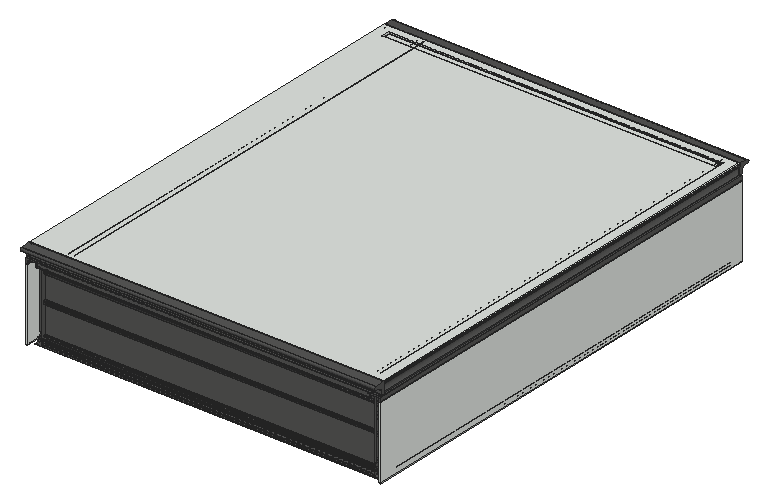
Revit family "Furniture-Lighted_Mirror_Cabinet-KOHLER-MaxiSpace-K-96106T_1", category Lighting Fixtures, host Face, Revit 2021
Family settings
  Host = Face
  Round Connector Dimension = Use Diameter
  Part Type = Normal
  OmniClass Number = 23.21.23.00
  OmniClass Title = Residential Furniture and Equipment
  Cut with Voids When Loaded = No
  Light Source = Yes
  Shared = No
  Room Calculation Point = No
Parameters (values of type "Left Door-NA-Black")
  Width = 23 29/128"  # constant formula
  Wattage Comments = "36W"  # constant formula
  Wattage = 8.75174 W
  WaterSense Certified = 1 = 0  # no
  built-in parameter 1150110 = 1 (stored number, unit not read)
  Voltage = 220 V  # constant formula
  URL = "http://www.kohler.com.cn/"
  Type = 1
  built-in parameter 1114217 = 1 (stored number, unit not read)
  built-in parameter 1150109 = 1 (stored number, unit not read)
  built-in parameter 1150134 = (empty or 0)
  built-in parameter 1150113 = 1 (stored number, unit not read)
  Right Hand [instance] = or(Type = 2)  # no
  Product Page URL = "https://www.kohler.com.cn/product/K-96106T-L-NA/K-96106T-L-NA/"
  Product Name = "MaxiSpace"  # constant formula
  Product Documentation Link = "https://files.kohler.com.cn/pdfs/1495422644150_96107T-NA.pdf"
  Model = if(Type = 1, "K-96106T-L-NA", if(Type = 2, "K-96106T-L-NA", "NA"))  # "K-96106T-L-NA"
  Material = "Aluminium"  # constant formula
  Master Format 2014 Name = "Storage Cabinets"  # constant formula
  Master Format 2014 = "41 53 13"  # constant formula
  Manufacturer Address = "Kohler Beijing Office (100016) 36-2-03-B, No. 88, Liuxiang Road, Beijing"  # constant formula
  Manufacturer = "Kohler Co."  # constant formula
  built-in parameter 1150105 = 413.8 (stored number, unit not read)
  Lumens = 1300 lm
  built-in parameter 1150115 = 1 (stored number, unit not read)
  Light Source Symbol Size = 2"  # constant formula
  built-in parameter 1150137 = (empty or 0)
  built-in parameter 1150139 = (empty or 0)
  Length = 5 249/256"  # constant formula
  Left Hand [instance] = or(Type = 1)  # yes
  built-in parameter 1150112 = 1 (stored number, unit not read)
  built-in parameter 1150114 = 1 (stored number, unit not read)
  Lamp = "LED "  # constant formula
  built-in parameter 1150132 = 2
  built-in parameter 1150102 = (empty or 0)
  built-in parameter 1150107 = 3000 (stored number, unit not read)
  built-in parameter 1150138 = (empty or 0)
  built-in parameter 1150106 = 4.138 (stored number, unit not read)
  Height = 30 131/256"  # constant formula
  Hardware Included = 1 = 0  # no
  Finish = Kohler-Metal-NA-Black
  Environmental Product Declaration = ""
  Emit from Line Length = 20"
  Electrical Note = "One Dedicated Circuit Required"  # constant formula
  Electrical Connector = 1 = 1  # yes
  built-in parameter 1150104 = 13.8 (stored number, unit not read)
  Distance To Connector [instance] = if(Right Hand, 1 35/128", 21 245/256")  # 21 245/256"
  Dimming Lamp Color Temperature Shift = Incandescent Lamp Curve
  Description = "Bona Mirror Cabinet 600mm"  # constant formula
  Default Elevation = 60"
  Declare Label = ""
  Date Modified = "07/27/2022"  # constant formula
  Date Created = "07/27/2022"  # constant formula
  Copyright = "Copyright Kohler Co."  # constant formula
  Contact Us = "http://www.kohler.com.cn/contact/contact-us/"
  Color Filter = 16777215
  built-in parameter 1114218 = 1 (stored number, unit not read)
  built-in parameter 1150133 = 10 (stored number, unit not read)
  Assembly Code = "E2010"
  Apparent Load = 36 VA  # constant formula
  ADA Compliant = 1 = 0  # no
Reference planes (in)
  plane 1 "Center (Front/Back)": y = 0
  plane 2: z = 0
  plane 3 "Center (Left/Right)": x = 0
  plane 4: x = -11.61417
  plane 5: x = 11.61239
  plane 6: y = 15.25591
  plane 7: y = -15.25581
  plane 8: x = 10.34286
  plane 9: z = 5.97266
  plane 10: y = 13.82857
  plane 11: z = 3.49293
Forms (in)
  Extrusion 1, solid, material "Kohler-Metal-NA-Black" <- "Finish"
    sketch origin (0, 0, 0) x (1, 0, 0) y (0, 0, 1)
      loop
        circle (10.34286, 3.49293) r 0.25
    from -14.74409 to -14.13386
Dimensions and locks (in)
  "Width": plane 4 to plane 5
  "Height": plane 6 to plane 7
  "Distance To Connector": plane 4 to plane 8
  "Length": plane 9 to level
  aligned and locked: plane 2 to host face
  aligned and locked: level to host face
  aligned and locked: plane 8 to Extrusion 1 sketch curve
Automatic sketch dimensions
  host sketch curve to host sketch curve = 96"  (x2)
  Extrusion 1 sketch curve to plane 9 = 2.47973"
  radius of Extrusion 1 sketch curve = 1/4"
Nested families (in)
  nested 1: "K-96106T" at (0, 0, 0), visible <- "Left Hand", type "K-96106T"
  nested 2: "K-96106T" at (0, 0, 0) x (-1, 0, 0) z (0, 0, 1), visible <- "Right Hand", type "K-96106T"
Connectors (in)
  electrical at (10.34286, 14.74409, 3.49293), driven by "Voltage", driven by "Apparent Load", driven by "Electrical Connector", driven by "Electrical Note"
    settings: on Extrusion 1, index 1, voltage 220 V, apparent load 36 VA, apparent load phase1 0 VA, apparent load phase2 0 VA, apparent load phase3 0 VA, power factor 1, load classification "Lighting", number of poles 1, system type 30, power factor state 1, is connector primary yes, connector utility yes, sub classification motor no, connector description "One Dedicated Circuit Required"
Definition of nested family "K-96106T"
  Parameters
    Material = none
    Default Elevation = 0"
  Reference planes (in)
    plane 1 "Center (Front/Back)": y = 0
    plane 2: z = 0
    plane 3 "Center (Left/Right)": x = 0
    plane 4: y = 15.25591
    plane 5: x = -11.61417
    plane 6: x = 11.61417
    plane 7: y = -15.25591
    plane 8: z = 5.96583
    plane 9: x = 10.37946
    plane 10: x = -10.90551
    plane 11: y = 14.03543
    plane 12: y = 13.44404
    plane 13: x = 10.90551
  Forms (in)
    Extrusion 1, solid
      sketch origin (0, 0, 0) x (1, 0, 0) y (0, 0, 1)
        loop
          line (-11.49606, 0.07874) -> (-11.49606, 4.76378) -> (-11.53543, 4.80315) -> (-11.5748, 4.80315) -> (-11.61417, 4.76378) -> (-11.61417, 0.07874) -> (-11.5748, 0.03937) -> (-11.53543, 0.03937) -> (-11.49606, 0.07874)
        loop
          line (11.61417, 0.07874) -> (11.61417, 4.76378) -> (11.5748, 4.80315) -> (11.53543, 4.80315) -> (11.49606, 4.76378) -> (11.49606, 0.07874) -> (11.53543, 0.03937) -> (11.5748, 0.03937) -> (11.61417, 0.07874)
      from -14.74409 to 14.78346
    Extrusion 2, solid, material <- "Material", detail levels medium+fine
      sketch origin (0, 0, 0) x (1, 0, 0) y (0, 0, 1)
        loop
          line (11.00394, 5.01969) -> (11.49275, 5.01969)
          arc (11.49275, 5.01969) -> (11.50901, 5.01295) -> (11.51575, 4.99669) r 0.023
          line (11.51575, 4.99669) -> (11.51575, 4.90149) -> (11.47638, 4.90149) -> (11.47638, 4.82299)
          arc (11.47638, 4.82299) -> (11.48219, 4.80896) -> (11.49622, 4.80315) r 0.01984
          line (11.49622, 4.80315) -> (11.59446, 4.80315)
          arc (11.59446, 4.80315) -> (11.6084, 4.80892) -> (11.61417, 4.82286) r 0.01971
          line (11.61417, 4.82286) -> (11.61417, 5.09838)
          arc (11.61417, 5.09838) -> (11.60839, 5.11233) -> (11.59444, 5.11811) r 0.01973
          line (11.59444, 5.11811) -> (10.92649, 5.11811)
          arc (10.92649, 5.11811) -> (10.91166, 5.11197) -> (10.90551, 5.09713) r 0.02098
          line (10.90551, 5.09713) -> (10.90551, 0.18898) -> (11.2628, 0.18898)
          arc (11.2628, 0.18898) -> (11.27741, 0.18292) -> (11.28346, 0.16831) r 0.02066
          line (11.28346, 0.16831) -> (11.28346, 0.01968)
          arc (11.28346, 0.01968) -> (11.28923, 0.00577) -> (11.30315, 0) r 0.01968
          line (11.30315, 0) -> (11.34167, 0)
          arc (11.34167, 0) -> (11.35619, 0.00601) -> (11.3622, 0.02053) r 0.02053
          line (11.3622, 0.02053) -> (11.3622, 0.26515)
          arc (11.3622, 0.26515) -> (11.35569, 0.28088) -> (11.33996, 0.2874) r 0.02225
          line (11.33996, 0.2874) -> (11.01375, 0.2874)
          arc (11.01375, 0.2874) -> (10.99816, 0.29386) -> (10.99171, 0.30944) r 0.02204
          line (10.99171, 0.30944) -> (10.99171, 0.36417) -> (11.02362, 0.36417) -> (11.02362, 0.48031) -> (10.99448, 0.49035) -> (11.02362, 0.50394) -> (11.02362, 0.62008) -> (10.99263, 0.62008) -> (10.99263, 0.87008)
          arc (10.99263, 0.87008) -> (11.0021, 0.89017) -> (11.02362, 0.89567) r 0.02606
          line (11.02362, 0.89567) -> (11.02362, 1.01181) -> (10.99339, 1.02443) -> (11.02362, 1.03543) -> (11.02362, 1.15157)
          arc (11.02362, 1.15157) -> (11.00943, 1.161) -> (11.00394, 1.17713) r 0.02643
          line (11.00394, 1.17713) -> (11.00394, 2.40813)
          arc (11.00394, 2.40813) -> (11.00953, 2.42326) -> (11.02362, 2.4311) r 0.02325
          line (11.02362, 2.4311) -> (11.02362, 2.54724) -> (10.99303, 2.5566) -> (11.02362, 2.57087) -> (11.02362, 2.68701)
          arc (11.02362, 2.68701) -> (11.00964, 2.69343) -> (11.00394, 2.70772) r 0.02074
          line (11.00394, 2.70772) -> (11.00394, 3.44248)
          arc (11.00394, 3.44248) -> (11.00957, 3.45728) -> (11.02362, 3.46457) r 0.02223
          line (11.02362, 3.46457) -> (11.02362, 3.64961) -> (10.99448, 3.65964) -> (11.02362, 3.67323) -> (11.02362, 3.85827)
          arc (11.02362, 3.85827) -> (11.00935, 3.86922) -> (11.00394, 3.88637) r 0.02991
          line (11.00394, 3.88637) -> (11.00394, 4.18078)
          arc (11.00394, 4.18078) -> (11.00958, 4.19553) -> (11.02362, 4.20276) r 0.02211
          line (11.02362, 4.20276) -> (11.02362, 4.3189) -> (10.99448, 4.32893) -> (11.02362, 4.34252) -> (11.02362, 4.45866)
          arc (11.02362, 4.45866) -> (11.00944, 4.46782) -> (11.00394, 4.48378) r 0.02587
          line (11.00394, 4.48378) -> (11.00394, 5.01969)
        loop
          line (-11.00394, 5.01969) -> (-11.00394, 4.48378)
          arc (-11.00394, 4.48378) -> (-11.00944, 4.46782) -> (-11.02362, 4.45866) r 0.02587
          line (-11.02362, 4.45866) -> (-11.02362, 4.34252) -> (-10.99448, 4.32893) -> (-11.02362, 4.3189) -> (-11.02362, 4.20276)
          arc (-11.02362, 4.20276) -> (-11.00958, 4.19553) -> (-11.00394, 4.18078) r 0.02211
          line (-11.00394, 4.18078) -> (-11.00394, 3.88637)
          arc (-11.00394, 3.88637) -> (-11.00935, 3.86922) -> (-11.02362, 3.85827) r 0.02991
          line (-11.02362, 3.85827) -> (-11.02362, 3.67323) -> (-10.99448, 3.65964) -> (-11.02362, 3.64961) -> (-11.02362, 3.46457)
          arc (-11.02362, 3.46457) -> (-11.00957, 3.45728) -> (-11.00394, 3.44248) r 0.02223
          line (-11.00394, 3.44248) -> (-11.00394, 2.70772)
          arc (-11.00394, 2.70772) -> (-11.00964, 2.69343) -> (-11.02362, 2.68701) r 0.02074
          line (-11.02362, 2.68701) -> (-11.02362, 2.57087) -> (-10.99303, 2.5566) -> (-11.02362, 2.54724) -> (-11.02362, 2.4311)
          arc (-11.02362, 2.4311) -> (-11.00953, 2.42326) -> (-11.00394, 2.40813) r 0.02325
          line (-11.00394, 2.40813) -> (-11.00394, 1.17713)
          arc (-11.00394, 1.17713) -> (-11.00943, 1.161) -> (-11.02362, 1.15157) r 0.02643
          line (-11.02362, 1.15157) -> (-11.02362, 1.03543) -> (-10.99339, 1.02443) -> (-11.02362, 1.01181) -> (-11.02362, 0.89567)
          arc (-11.02362, 0.89567) -> (-11.0021, 0.89017) -> (-10.99263, 0.87008) r 0.02606
          line (-10.99263, 0.87008) -> (-10.99263, 0.62008) -> (-11.02362, 0.62008) -> (-11.02362, 0.50394) -> (-10.99448, 0.49035) -> (-11.02362, 0.48031) -> (-11.02362, 0.36417) -> (-10.99171, 0.36417) -> (-10.99171, 0.30944)
          arc (-10.99171, 0.30944) -> (-10.99816, 0.29386) -> (-11.01375, 0.2874) r 0.02204
          line (-11.01375, 0.2874) -> (-11.33996, 0.2874)
          arc (-11.33996, 0.2874) -> (-11.35569, 0.28088) -> (-11.3622, 0.26515) r 0.02225
          line (-11.3622, 0.26515) -> (-11.3622, 0.02053)
          arc (-11.3622, 0.02053) -> (-11.35619, 0.00601) -> (-11.34167, 0) r 0.02053
          line (-11.34167, 0) -> (-11.30315, 0)
          arc (-11.30315, 0) -> (-11.28923, 0.00577) -> (-11.28346, 0.01968) r 0.01968
          line (-11.28346, 0.01968) -> (-11.28346, 0.16831)
          arc (-11.28346, 0.16831) -> (-11.27741, 0.18292) -> (-11.2628, 0.18898) r 0.02066
          line (-11.2628, 0.18898) -> (-10.90551, 0.18898) -> (-10.90551, 5.09713)
          arc (-10.90551, 5.09713) -> (-10.91166, 5.11197) -> (-10.92649, 5.11811) r 0.02098
          line (-10.92649, 5.11811) -> (-11.59444, 5.11811)
          arc (-11.59444, 5.11811) -> (-11.60839, 5.11233) -> (-11.61417, 5.09838) r 0.01973
          line (-11.61417, 5.09838) -> (-11.61417, 4.82286)
          arc (-11.61417, 4.82286) -> (-11.6084, 4.80892) -> (-11.59446, 4.80315) r 0.01971
          line (-11.59446, 4.80315) -> (-11.49622, 4.80315)
          arc (-11.49622, 4.80315) -> (-11.48219, 4.80896) -> (-11.47638, 4.82299) r 0.01984
          line (-11.47638, 4.82299) -> (-11.47638, 4.90149) -> (-11.51575, 4.90149) -> (-11.51575, 4.99669)
          arc (-11.51575, 4.99669) -> (-11.50901, 5.01295) -> (-11.49275, 5.01969) r 0.023
          line (-11.49275, 5.01969) -> (-11.00394, 5.01969)
      from -14.74409 to 14.78346
    Extrusion 3, solid, material <- "Material", detail levels medium+fine
      sketch origin (0, 0.03906, -0.01172) x (0, 1, 0) y (0, 0, 1)
        loop
          line (14.70503, 5.27) -> (14.70503, 5.50449)
          arc (14.70503, 5.50449) -> (14.7625, 5.64323) -> (14.90124, 5.7007) r 0.1962
          line (14.90124, 5.7007) -> (15.11476, 5.7007)
          arc (15.11476, 5.7007) -> (15.21787, 5.79726) -> (15.12825, 5.90646) r 0.10333
          line (15.12825, 5.90646) -> (14.53041, 5.98517)
          arc (14.53041, 5.98517) -> (14.51488, 5.98046) -> (14.50818, 5.96567) r 0.01966
          line (14.50818, 5.96567) -> (14.50818, 5.26797)
          arc (14.50818, 5.26797) -> (14.51405, 5.25381) -> (14.52821, 5.24794) r 0.02003
          line (14.52821, 5.24794) -> (14.68297, 5.24794)
          arc (14.68297, 5.24794) -> (14.69857, 5.2544) -> (14.70503, 5.27) r 0.02207
        loop
          arc (-14.78346, 5.25829) -> (-14.777, 5.24268) -> (-14.7614, 5.23622) r 0.02207
          line (-14.7614, 5.23622) -> (-14.60664, 5.23622)
          arc (-14.60664, 5.23622) -> (-14.59248, 5.24209) -> (-14.58661, 5.25625) r 0.02003
          line (-14.58661, 5.25625) -> (-14.58661, 5.95396)
          arc (-14.58661, 5.95396) -> (-14.59331, 5.96874) -> (-14.60884, 5.97345) r 0.01966
          line (-14.60884, 5.97345) -> (-15.20668, 5.89474)
          arc (-15.20668, 5.89474) -> (-15.2963, 5.78554) -> (-15.1932, 5.68898) r 0.10333
          line (-15.1932, 5.68898) -> (-14.97967, 5.68898)
          arc (-14.97967, 5.68898) -> (-14.84093, 5.63151) -> (-14.78346, 5.49277) r 0.1962
          line (-14.78346, 5.49277) -> (-14.78346, 5.25829)
      from -11.61417 to 11.61417
    Extrusion 4, solid, material <- "Material", detail levels medium+fine
      sketch origin (0, 0, 0) x (0, 1, 0) y (0, 0, 1)
        loop
          line (14.13386, 0.62884) -> (14.13386, 2.42157)
          arc (14.13386, 2.42157) -> (14.14012, 2.43603) -> (14.15494, 2.44135) r 0.01982
          arc (14.15494, 2.44135) -> (14.18544, 2.44355) -> (14.21425, 2.45382) r 0.11334
          arc (14.21425, 2.45382) -> (14.22678, 2.49281) -> (14.18788, 2.50559) r 0.02905
          arc (14.18788, 2.50559) -> (14.10211, 2.55795) -> (14.18681, 2.61202) r 0.05923
          arc (14.18681, 2.61202) -> (14.22477, 2.62463) -> (14.21369, 2.66307) r 0.02887
          arc (14.21369, 2.66307) -> (14.18512, 2.67454) -> (14.15449, 2.6775) r 0.10807
          arc (14.15449, 2.6775) -> (14.13996, 2.68292) -> (14.13386, 2.69718) r 0.01971
          line (14.13386, 2.69718) -> (14.13386, 4.19348)
          arc (14.13386, 4.19348) -> (14.13998, 4.20756) -> (14.15445, 4.21269) r 0.01926
          arc (14.15445, 4.21269) -> (14.18697, 4.21559) -> (14.21698, 4.22846) r 0.10373
          arc (14.21698, 4.22846) -> (14.22654, 4.2662) -> (14.18934, 4.27769) r 0.02827
          arc (14.18934, 4.27769) -> (14.10273, 4.33159) -> (14.18962, 4.38504) r 0.05998
          arc (14.18962, 4.38504) -> (14.22588, 4.39573) -> (14.21764, 4.43263) r 0.02767
          arc (14.21764, 4.43263) -> (14.18736, 4.44627) -> (14.15424, 4.44869) r 0.09519
          arc (14.15424, 4.44869) -> (14.13996, 4.45336) -> (14.13386, 4.46709) r 0.01849
          line (14.13386, 4.46709) -> (14.13386, 4.99816)
          arc (14.13386, 4.99816) -> (14.14016, 5.01338) -> (14.15538, 5.01969) r 0.02153
          line (14.15538, 5.01969) -> (14.62581, 5.01969)
          arc (14.62581, 5.01969) -> (14.63985, 5.01387) -> (14.64567, 4.99983) r 0.01986
          line (14.64567, 4.99983) -> (14.64567, 4.87008) -> (14.6063, 4.87008) -> (14.6063, 4.82317)
          arc (14.6063, 4.82317) -> (14.61216, 4.80901) -> (14.62632, 4.80315) r 0.02002
          line (14.62632, 4.80315) -> (14.72393, 4.80315)
          arc (14.72393, 4.80315) -> (14.73819, 4.80906) -> (14.74409, 4.82332) r 0.02017
          line (14.74409, 4.82332) -> (14.74409, 5.09746)
          arc (14.74409, 5.09746) -> (14.73805, 5.11206) -> (14.72345, 5.11811) r 0.02065
          line (14.72345, 5.11811) -> (14.05593, 5.11811)
          arc (14.05593, 5.11811) -> (14.04144, 5.11211) -> (14.03543, 5.09761) r 0.0205
          line (14.03543, 5.09761) -> (14.03543, 0.3645)
          arc (14.03543, 0.3645) -> (14.00132, 0.28215) -> (13.91896, 0.24803) r 0.11647
          line (13.91896, 0.24803) -> (13.79618, 0.24803)
          arc (13.79618, 0.24803) -> (13.76666, 0.2185) -> (13.79618, 0.18898) r 0.02953
          line (13.79618, 0.18898) -> (14.24306, 0.18898)
          arc (14.24306, 0.18898) -> (14.25771, 0.18291) -> (14.26378, 0.16826) r 0.02072
          line (14.26378, 0.16826) -> (14.26378, 0.03946)
          arc (14.26378, 0.03946) -> (14.30315, 0.00009) -> (14.34252, 0.03946) r 0.03937
          line (14.34252, 0.03946) -> (14.34252, 0.19783)
          arc (14.34252, 0.19783) -> (14.32551, 0.2389) -> (14.28445, 0.25591) r 0.05807
          line (14.28445, 0.25591) -> (14.15392, 0.25591)
          arc (14.15392, 0.25591) -> (14.13973, 0.26178) -> (14.13386, 0.27597) r 0.02006
          line (14.13386, 0.27597) -> (14.13386, 0.35691)
          arc (14.13386, 0.35691) -> (14.14095, 0.37189) -> (14.15704, 0.37588) r 0.01935
          arc (14.15704, 0.37588) -> (14.19028, 0.37677) -> (14.2198, 0.39209) r 0.07417
          arc (14.2198, 0.39209) -> (14.22507, 0.4298) -> (14.18824, 0.43945) r 0.02865
          arc (14.18824, 0.43945) -> (14.10211, 0.49267) -> (14.18894, 0.54475) r 0.05927
          arc (14.18894, 0.54475) -> (14.22695, 0.55546) -> (14.21831, 0.59399) r 0.02871
          arc (14.21831, 0.59399) -> (14.18768, 0.60769) -> (14.15424, 0.61029) r 0.09834
          arc (14.15424, 0.61029) -> (14.13995, 0.61506) -> (14.13386, 0.62884) r 0.01863
        loop
          arc (-14.17323, 0.62884) -> (-14.17932, 0.61506) -> (-14.19361, 0.61029) r 0.01863
          arc (-14.19361, 0.61029) -> (-14.22705, 0.60769) -> (-14.25768, 0.59399) r 0.09834
          arc (-14.25768, 0.59399) -> (-14.26632, 0.55546) -> (-14.22831, 0.54475) r 0.02871
          arc (-14.22831, 0.54475) -> (-14.14148, 0.49267) -> (-14.22761, 0.43945) r 0.05927
          arc (-14.22761, 0.43945) -> (-14.26444, 0.4298) -> (-14.25917, 0.39209) r 0.02865
          arc (-14.25917, 0.39209) -> (-14.22965, 0.37677) -> (-14.19641, 0.37588) r 0.07417
          arc (-14.19641, 0.37588) -> (-14.18032, 0.37189) -> (-14.17323, 0.35691) r 0.01935
          line (-14.17323, 0.35691) -> (-14.17323, 0.27597)
          arc (-14.17323, 0.27597) -> (-14.1791, 0.26178) -> (-14.19329, 0.25591) r 0.02006
          line (-14.19329, 0.25591) -> (-14.32382, 0.25591)
          arc (-14.32382, 0.25591) -> (-14.36488, 0.2389) -> (-14.38189, 0.19783) r 0.05807
          line (-14.38189, 0.19783) -> (-14.38189, 0.03946)
          arc (-14.38189, 0.03946) -> (-14.34252, 0.00009) -> (-14.30315, 0.03946) r 0.03937
          line (-14.30315, 0.03946) -> (-14.30315, 0.16826)
          arc (-14.30315, 0.16826) -> (-14.29708, 0.18291) -> (-14.28243, 0.18898) r 0.02072
          line (-14.28243, 0.18898) -> (-13.83555, 0.18898)
          arc (-13.83555, 0.18898) -> (-13.80603, 0.2185) -> (-13.83555, 0.24803) r 0.02953
          line (-13.83555, 0.24803) -> (-13.95833, 0.24803)
          arc (-13.95833, 0.24803) -> (-14.04069, 0.28215) -> (-14.0748, 0.3645) r 0.11647
          line (-14.0748, 0.3645) -> (-14.0748, 5.09761)
          arc (-14.0748, 5.09761) -> (-14.08081, 5.11211) -> (-14.0953, 5.11811) r 0.0205
          line (-14.0953, 5.11811) -> (-14.76282, 5.11811)
          arc (-14.76282, 5.11811) -> (-14.77742, 5.11206) -> (-14.78346, 5.09746) r 0.02065
          line (-14.78346, 5.09746) -> (-14.78346, 4.82332)
          arc (-14.78346, 4.82332) -> (-14.77756, 4.80906) -> (-14.7633, 4.80315) r 0.02017
          line (-14.7633, 4.80315) -> (-14.66569, 4.80315)
          arc (-14.66569, 4.80315) -> (-14.65153, 4.80901) -> (-14.64567, 4.82317) r 0.02002
          line (-14.64567, 4.82317) -> (-14.64567, 4.87008) -> (-14.68504, 4.87008) -> (-14.68504, 4.99983)
          arc (-14.68504, 4.99983) -> (-14.67922, 5.01387) -> (-14.66518, 5.01969) r 0.01986
          line (-14.66518, 5.01969) -> (-14.19475, 5.01969)
          arc (-14.19475, 5.01969) -> (-14.17953, 5.01338) -> (-14.17323, 4.99816) r 0.02153
          line (-14.17323, 4.99816) -> (-14.17323, 4.46709)
          arc (-14.17323, 4.46709) -> (-14.17933, 4.45336) -> (-14.19361, 4.44869) r 0.01849
          arc (-14.19361, 4.44869) -> (-14.22673, 4.44627) -> (-14.25701, 4.43263) r 0.09519
          arc (-14.25701, 4.43263) -> (-14.26525, 4.39573) -> (-14.22899, 4.38504) r 0.02767
          arc (-14.22899, 4.38504) -> (-14.1421, 4.33159) -> (-14.22871, 4.27769) r 0.05998
          arc (-14.22871, 4.27769) -> (-14.26591, 4.2662) -> (-14.25635, 4.22846) r 0.02827
          arc (-14.25635, 4.22846) -> (-14.22634, 4.21559) -> (-14.19382, 4.21269) r 0.10373
          arc (-14.19382, 4.21269) -> (-14.17935, 4.20756) -> (-14.17323, 4.19348) r 0.01926
          line (-14.17323, 4.19348) -> (-14.17323, 2.69718)
          arc (-14.17323, 2.69718) -> (-14.17933, 2.68292) -> (-14.19386, 2.6775) r 0.01971
          arc (-14.19386, 2.6775) -> (-14.22449, 2.67454) -> (-14.25306, 2.66307) r 0.10807
          arc (-14.25306, 2.66307) -> (-14.26414, 2.62463) -> (-14.22618, 2.61202) r 0.02887
          arc (-14.22618, 2.61202) -> (-14.14148, 2.55795) -> (-14.22725, 2.50559) r 0.05923
          arc (-14.22725, 2.50559) -> (-14.26615, 2.49281) -> (-14.25362, 2.45382) r 0.02905
          arc (-14.25362, 2.45382) -> (-14.22481, 2.44355) -> (-14.19431, 2.44135) r 0.11334
          arc (-14.19431, 2.44135) -> (-14.17949, 2.43603) -> (-14.17323, 2.42157) r 0.01982
          line (-14.17323, 2.42157) -> (-14.17323, 0.62884)
      from -10.90551 to 10.90551
    Extrusion 5, solid, material <- "Material", detail levels medium+fine
      sketch origin (0, 0, 0) x (1, 0, 0) y (0, 0, 1)
        loop
          arc (-11.56299, 5.29688) -> (-11.55713, 5.28272) -> (-11.54296, 5.27685) r 0.02003
          line (-11.54296, 5.27685) -> (-11.36724, 5.27685)
          arc (-11.36724, 5.27685) -> (-11.34851, 5.29232) -> (-11.36015, 5.31364) r 0.01908
          arc (-11.36015, 5.31364) -> (-11.43016, 5.39451) -> (-11.40485, 5.49844) r 0.11667
          arc (-11.40485, 5.49844) -> (-11.36308, 5.50173) -> (-11.35908, 5.46002) r 0.02988
          arc (-11.35908, 5.46002) -> (-11.31537, 5.36775) -> (-11.27076, 5.45959) r 0.05662
          arc (-11.27076, 5.45959) -> (-11.26632, 5.50159) -> (-11.22425, 5.49788) r 0.03012
          arc (-11.22425, 5.49788) -> (-11.19968, 5.39355) -> (-11.27021, 5.31284) r 0.11724
          arc (-11.27021, 5.31284) -> (-11.28165, 5.292) -> (-11.26333, 5.27685) r 0.01865
          line (-11.26333, 5.27685) -> (-10.58353, 5.27685)
          arc (-10.58353, 5.27685) -> (-10.48954, 5.28885) -> (-10.40157, 5.32409) r 0.37402
          line (-10.40157, 5.32409) -> (-10.14961, 5.32409)
          arc (-10.14961, 5.32409) -> (-10.06164, 5.28885) -> (-9.96765, 5.27685) r 0.37402
          line (-9.96765, 5.27685) -> (-9.52126, 5.27685)
          arc (-9.52126, 5.27685) -> (-9.50623, 5.28308) -> (-9.5, 5.29811) r 0.02126
          line (-9.5, 5.29811) -> (-9.5, 5.74421)
          arc (-9.5, 5.74421) -> (-9.5061, 5.75894) -> (-9.52083, 5.76504) r 0.02083
          line (-9.52083, 5.76504) -> (-11.54212, 5.76504)
          arc (-11.54212, 5.76504) -> (-11.55688, 5.75893) -> (-11.56299, 5.74417) r 0.02087
          line (-11.56299, 5.74417) -> (-11.56299, 5.29688)
        loop
          line (-11.57484, 5.22567) -> (-9.48921, 5.22567)
          arc (-9.48921, 5.22567) -> (-9.46065, 5.2375) -> (-9.44882, 5.26606) r 0.04039
          line (-9.44882, 5.26606) -> (-9.44882, 5.7364)
          arc (-9.44882, 5.7364) -> (-9.44274, 5.75108) -> (-9.42805, 5.75717) r 0.02077
          line (-9.42805, 5.75717) -> (-9.10332, 5.75717)
          arc (-9.10332, 5.75717) -> (-9.07379, 5.78669) -> (-9.10332, 5.81622) r 0.02953
          line (-9.10332, 5.81622) -> (-11.59265, 5.81622)
          arc (-11.59265, 5.81622) -> (-11.60787, 5.80992) -> (-11.61417, 5.7947) r 0.02152
          line (-11.61417, 5.7947) -> (-11.61417, 5.265)
          arc (-11.61417, 5.265) -> (-11.60265, 5.23719) -> (-11.57484, 5.22567) r 0.03933
        loop
          line (11.45451, 5.74021) -> (11.45451, 5.64101)
          arc (11.45451, 5.64101) -> (11.44842, 5.62631) -> (11.43371, 5.62022) r 0.02079
          line (11.43371, 5.62022) -> (11.3685, 5.62022)
          arc (11.3685, 5.62022) -> (11.345, 5.59672) -> (11.3685, 5.57322) r 0.0235
          line (11.3685, 5.57322) -> (11.42252, 5.57322)
          arc (11.42252, 5.57322) -> (11.43665, 5.56737) -> (11.44251, 5.55324) r 0.01998
          line (11.44251, 5.55324) -> (11.44251, 5.40008)
          arc (11.44251, 5.40008) -> (11.45653, 5.39179) -> (11.46682, 5.37915) r 0.0463
          line (11.46682, 5.37915) -> (11.50315, 5.31361)
          arc (11.50315, 5.31361) -> (11.50295, 5.29865) -> (11.48996, 5.29122) r 0.01508
          line (11.48996, 5.29122) -> (10.95005, 5.29122) -> (10.91441, 5.31714)
          arc (10.91441, 5.31714) -> (10.87599, 5.31107) -> (10.88206, 5.27266) r 0.0275
          line (10.88206, 5.27266) -> (10.91903, 5.24578)
          arc (10.91903, 5.24578) -> (10.93297, 5.23867) -> (10.94843, 5.23622) r 0.04999
          line (10.94843, 5.23622) -> (11.58242, 5.23622)
          arc (11.58242, 5.23622) -> (11.61075, 5.25615) -> (11.60156, 5.28955) r 0.03009
          arc (11.60156, 5.28955) -> (11.49123, 5.52292) -> (11.6009, 5.75661) r 0.30289
          arc (11.6009, 5.75661) -> (11.61069, 5.76923) -> (11.61417, 5.78482) r 0.03664
          line (11.61417, 5.78482) -> (11.61417, 5.81819)
          arc (11.61417, 5.81819) -> (11.59069, 5.84168) -> (11.5672, 5.81819) r 0.02348
          line (11.5672, 5.81819) -> (11.5672, 5.78152) -> (11.50886, 5.78152) -> (11.50886, 5.81622) -> (10.09158, 5.81622)
          arc (10.09158, 5.81622) -> (10.06408, 5.78872) -> (10.09158, 5.76122) r 0.0275
          line (10.09158, 5.76122) -> (10.41964, 5.76122)
          arc (10.41964, 5.76122) -> (10.43487, 5.75491) -> (10.44117, 5.73969) r 0.02153
          line (10.44117, 5.73969) -> (10.44117, 5.61054)
          arc (10.44117, 5.61054) -> (10.44488, 5.59511) -> (10.45518, 5.58305) r 0.03399
          line (10.45518, 5.58305) -> (10.599, 5.47847)
          arc (10.599, 5.47847) -> (10.63741, 5.48454) -> (10.63134, 5.52296) r 0.0275
          line (10.63134, 5.52296) -> (10.579, 5.56101)
          arc (10.579, 5.56101) -> (10.57193, 5.57683) -> (10.58202, 5.59091) r 0.01739
          arc (10.58202, 5.59091) -> (10.59066, 5.60813) -> (10.57566, 5.62022) r 0.01535
          line (10.57566, 5.62022) -> (10.51656, 5.62022)
          arc (10.51656, 5.62022) -> (10.50238, 5.62609) -> (10.49651, 5.64027) r 0.02005
          line (10.49651, 5.64027) -> (10.49651, 5.73874)
          arc (10.49651, 5.73874) -> (10.50309, 5.75464) -> (10.51898, 5.76122) r 0.02248
          line (10.51898, 5.76122) -> (11.4335, 5.76122)
          arc (11.4335, 5.76122) -> (11.44835, 5.75507) -> (11.45451, 5.74021) r 0.02101
      from -14.54724 to 14.54724
    Extrusion 6, solid, material <- "Material", detail levels medium+fine
      sketch origin (0, 0, 0) x (0, 1, 0) y (0, 0, 1)
        loop
          line (14.83661, 0.12008) -> (14.49072, 0.12008)
          arc (14.49072, 0.12008) -> (14.46248, 0.13178) -> (14.45079, 0.16001) r 0.03993
          line (14.45079, 0.16001) -> (14.45079, 0.25) -> (14.33218, 0.50944)
          arc (14.33218, 0.50944) -> (14.32199, 0.52121) -> (14.30705, 0.52559) r 0.02764
          line (14.30705, 0.52559) -> (14.20271, 0.52559)
          arc (14.20271, 0.52559) -> (14.10848, 0.49531) -> (14.19895, 0.45518) r 0.05296
          arc (14.19895, 0.45518) -> (14.25392, 0.45638) -> (14.25715, 0.40149) r 0.03961
          line (14.25715, 0.40149) -> (14.17241, 0.30259)
          arc (14.17241, 0.30259) -> (14.16944, 0.28129) -> (14.18754, 0.26969) r 0.01993
          line (14.18754, 0.26969) -> (14.34449, 0.26969) -> (14.34449, 0.01378) -> (14.83661, 0.01378) -> (14.83661, 0.12008)
      from 7.12598 to 8.62205
    Extrusion 7, solid, material <- "Material", detail levels medium+fine
      sketch origin (0, 0, 0) x (0, 1, 0) y (0, 0, 1)
        loop
          line (14.83661, 0.12008) -> (14.49072, 0.12008)
          arc (14.49072, 0.12008) -> (14.46248, 0.13178) -> (14.45079, 0.16001) r 0.03993
          line (14.45079, 0.16001) -> (14.45079, 0.25) -> (14.33218, 0.50944)
          arc (14.33218, 0.50944) -> (14.32199, 0.52121) -> (14.30705, 0.52559) r 0.02764
          line (14.30705, 0.52559) -> (14.20271, 0.52559)
          arc (14.20271, 0.52559) -> (14.10848, 0.49531) -> (14.19895, 0.45518) r 0.05296
          arc (14.19895, 0.45518) -> (14.25392, 0.45638) -> (14.25715, 0.40149) r 0.03961
          line (14.25715, 0.40149) -> (14.17241, 0.30259)
          arc (14.17241, 0.30259) -> (14.16944, 0.28129) -> (14.18754, 0.26969) r 0.01993
          line (14.18754, 0.26969) -> (14.34449, 0.26969) -> (14.34449, 0.01378) -> (14.83661, 0.01378) -> (14.83661, 0.12008)
      from -7.12598 to -8.62205
    Extrusion 8, solid
      sketch origin (0, 0, 0) x (1, 0, 0) y (0, 1, 0)
        loop
          line (-11.61417, -14.56955) -> (11.61417, -14.56955) -> (11.61417, 14.54724) -> (-11.61417, 14.54724) -> (-11.61417, -14.56955)
      from 5.88154 to 5.93433
    Extrusion 9, solid, material <- "Material", detail levels medium+fine
      sketch origin (0, 0, 0) x (1, 0, 0) y (0, 1, 0)
        loop
          line (-11.22441, -14.5695) -> (11.22441, -14.5695) -> (11.22441, 14.54724) -> (-11.22441, 14.54724) -> (-11.22441, -14.5695)
      from 0.14961 to 0.11024
    Blend 10, solid
      base sketch origin (0, 0, 0) x (1, 0, 0) y (0, 1, 0)
        loop
          line (11.61417, 14.54724) -> (-11.61417, 14.54724) -> (-11.61417, -14.5695) -> (11.61417, -14.5695) -> (11.61417, 14.54724)
      top sketch origin (0, 0, 0) x (1, 0, 0) y (0, 1, 0)
        loop
          line (11.58268, -14.55512) -> (11.58268, 14.51575) -> (-11.58268, 14.51575) -> (-11.58268, -14.55512) -> (11.58268, -14.55512)
      from 5.93433 to 5.96583
    Blend 11, solid
      base sketch origin (0, 0, 0) x (1, 0, 0) y (0, 1, 0)
        loop
          line (11.61417, 14.54724) -> (-11.61417, 14.54724) -> (-11.61417, -14.5695) -> (11.61417, -14.5695) -> (11.61417, 14.54724)
      top sketch origin (0, 0, 0) x (1, 0, 0) y (0, 1, 0)
        loop
          line (11.58268, -14.55512) -> (11.58268, 14.51575) -> (-11.58268, 14.51575) -> (-11.58268, -14.55512) -> (11.58268, -14.55512)
      from 5.88154 to 5.84772
    Blend 12, solid, material <- "Material", detail levels medium+fine
      base sketch origin (0, 0, 0) x (1, 0, 0) y (0, 1, 0)
        loop
          line (11.22441, 14.20472) -> (-11.22441, 14.20472) -> (-11.22441, -14.24409) -> (11.22441, -14.24409) -> (11.22441, 14.20472)
      top sketch origin (0, 0, 0) x (1, 0, 0) y (0, 1, 0)
        loop
          line (-11.18504, 14.16535) -> (-11.18504, -14.20472) -> (11.18504, -14.20472) -> (11.18504, 14.16535) -> (-11.18504, 14.16535)
      from 0.11024 to 0.07087
    Blend 13, solid, material <- "Material", detail levels medium+fine
      base sketch origin (0, 0, 0) x (1, 0, 0) y (0, 1, 0)
        loop
          line (11.22441, 14.20472) -> (-11.22441, 14.20472) -> (-11.22441, -14.24409) -> (11.22441, -14.24409) -> (11.22441, 14.20472)
      top sketch origin (0, 0, 0) x (1, 0, 0) y (0, 1, 0)
        loop
          line (-11.18504, 14.16535) -> (-11.18504, -14.20472) -> (11.18504, -14.20472) -> (11.18504, 14.16535) -> (-11.18504, 14.16535)
      from 0.14961 to 0.18898
    Extrusion 14, void
      sketch origin (0, 0, 0) x (0, 1, 0) y (0, 0, 1)
        loop
          line (-14.39764, 4.80315) -> (-15.39173, 4.80315) -> (-15.39173, -0.37138) -> (-14.14173, -0.37138) -> (-14.14173, 0.31406)
          arc (-14.14173, 0.31406) -> (-14.15943, 0.35689) -> (-14.2022, 0.37474) r 0.06068
          arc (-14.2022, 0.37474) -> (-14.34044, 0.43243) -> (-14.39764, 0.57087) r 0.19613
          line (-14.39764, 0.57087) -> (-14.39764, 4.80315)
        loop
          line (14.35827, 4.80315) -> (14.35827, 0.57087)
          arc (14.35827, 0.57087) -> (14.30107, 0.43243) -> (14.16283, 0.37474) r 0.19613
          arc (14.16283, 0.37474) -> (14.12006, 0.35689) -> (14.10236, 0.31406) r 0.06068
          line (14.10236, 0.31406) -> (14.10236, -0.37138) -> (15.35236, -0.37138) -> (15.35236, 4.80315) -> (14.35827, 4.80315)
      from -12.23403 to 12
    Extrusion 15, void
      sketch origin (0, 0, 0) x (1, 0, 0) y (0, 1, 0)
        loop
          circle (7.87349, 14.64189) r 0.09505
        loop
          circle (-7.87651, 14.64189) r 0.09505
      from -0.43543 to 0.2874
    Extrusion 16, void
      sketch origin (0, 0, 0) x (0, 1, 0) y (0, 0, 1)
        loop
          circle (14.16009, 4.32893) r 0.07249
        loop
          circle (14.1619, 2.5566) r 0.07101
        loop
          circle (14.16109, 0.49035) r 0.0716
        loop
          circle (-14.18234, 4.32893) r 0.07249
        loop
          circle (-14.18416, 2.5566) r 0.07101
        loop
          circle (-14.18335, 0.49035) r 0.0716
      from 10.81794 to 11.12468
    Extrusion 17, void
      sketch origin (0, 0, 0) x (0, 1, 0) y (0, 0, 1)
        loop
          circle (14.16009, 4.32893) r 0.07249
        loop
          circle (14.1619, 2.5566) r 0.07101
        loop
          circle (14.16109, 0.49035) r 0.0716
        loop
          circle (-14.18234, 4.32893) r 0.07249
        loop
          circle (-14.18416, 2.5566) r 0.07101
        loop
          circle (-14.18335, 0.49035) r 0.0716
      from -11.13036 to -10.70331
    Extrusion 18, solid, material <- "Material", detail levels medium+fine
      sketch origin (0, 0, 0) x (1, 0, 0) y (0, 0, 1)
        loop
          line (-9.51772, 5.17691) -> (-9.51772, 5.22567) -> (-9.54921, 5.22567) -> (-9.54921, 5.19155)
          arc (-9.54921, 5.19155) -> (-9.55536, 5.1767) -> (-9.57021, 5.17055) r 0.021
          line (-9.57021, 5.17055) -> (-9.70013, 5.17055) -> (-9.90631, 5.09986)
          arc (-9.90631, 5.09986) -> (-10.00984, 5.17445) -> (-10.11337, 5.09986) r 0.10915
          line (-10.11337, 5.09986) -> (-10.31955, 5.17055) -> (-10.66705, 5.17055)
          arc (-10.66705, 5.17055) -> (-10.68116, 5.1764) -> (-10.68701, 5.19051) r 0.01996
          line (-10.68701, 5.19051) -> (-10.68701, 5.22567) -> (-10.7185, 5.22567) -> (-10.7185, 5.179)
          arc (-10.7185, 5.179) -> (-10.70681, 5.15075) -> (-10.67856, 5.13906) r 0.03994
          line (-10.67856, 5.13906) -> (-10.3248, 5.13906) -> (-10.11811, 5.06819)
          arc (-10.11811, 5.06819) -> (-10.00984, 4.95992) -> (-9.90157, 5.06819) r 0.10827
          line (-9.90157, 5.06819) -> (-9.69488, 5.13906) -> (-9.55557, 5.13906)
          arc (-9.55557, 5.13906) -> (-9.5288, 5.15014) -> (-9.51772, 5.17691) r 0.03785
        loop
          circle (-10.00984, 5.0653) r 0.07863
      from 10.89454 to 13.15802
    Extrusion 19, solid, material <- "Material", detail levels medium+fine
      sketch origin (0, 0, 0) x (1, 0, 0) y (0, 0, 1)
        loop
          line (-9.51772, 5.17691) -> (-9.51772, 5.22567) -> (-9.54921, 5.22567) -> (-9.54921, 5.19155)
          arc (-9.54921, 5.19155) -> (-9.55536, 5.1767) -> (-9.57021, 5.17055) r 0.021
          line (-9.57021, 5.17055) -> (-9.70013, 5.17055) -> (-9.90631, 5.09986)
          arc (-9.90631, 5.09986) -> (-10.00984, 5.17445) -> (-10.11337, 5.09986) r 0.10915
          line (-10.11337, 5.09986) -> (-10.31955, 5.17055) -> (-10.66705, 5.17055)
          arc (-10.66705, 5.17055) -> (-10.68116, 5.1764) -> (-10.68701, 5.19051) r 0.01996
          line (-10.68701, 5.19051) -> (-10.68701, 5.22567) -> (-10.7185, 5.22567) -> (-10.7185, 5.179)
          arc (-10.7185, 5.179) -> (-10.70681, 5.15075) -> (-10.67856, 5.13906) r 0.03994
          line (-10.67856, 5.13906) -> (-10.3248, 5.13906) -> (-10.11811, 5.06819)
          arc (-10.11811, 5.06819) -> (-10.00984, 4.95992) -> (-9.90157, 5.06819) r 0.10827
          line (-9.90157, 5.06819) -> (-9.69488, 5.13906) -> (-9.55557, 5.13906)
          arc (-9.55557, 5.13906) -> (-9.5288, 5.15014) -> (-9.51772, 5.17691) r 0.03785
        loop
          circle (-10.00984, 5.0653) r 0.07863
      from -11.16239 to -9.90418
    Extrusion 20, solid, material <- "Material", detail levels medium+fine
      sketch origin (0, 0, 0) x (0, 1, 0) y (0, 0, 1)
        loop
          arc (6.17323, 5.18983) -> (6.17845, 5.17567) -> (6.19161, 5.16828) r 0.02183
          line (6.19161, 5.16828) -> (6.5998, 5.10297)
          arc (6.5998, 5.10297) -> (6.67323, 5.09713) -> (6.74666, 5.10297) r 0.46476
          line (6.74666, 5.10297) -> (7.15378, 5.16811)
          arc (7.15378, 5.16811) -> (7.16771, 5.17593) -> (7.17323, 5.19092) r 0.0231
          line (7.17323, 5.19092) -> (7.17323, 5.22387)
          arc (7.17323, 5.22387) -> (7.1675, 5.23787) -> (7.15361, 5.24384) r 0.01997
          line (7.15361, 5.24384) -> (6.74797, 5.25092)
          arc (6.74797, 5.25092) -> (6.73243, 5.25267) -> (6.7175, 5.25731) r 0.08262
          line (6.7175, 5.25731) -> (6.67323, 5.25672) -> (6.63277, 5.25637)
          arc (6.63277, 5.25637) -> (6.61582, 5.25244) -> (6.59849, 5.25092) r 0.12422
          line (6.59849, 5.25092) -> (6.19374, 5.24385)
          arc (6.19374, 5.24385) -> (6.17921, 5.23761) -> (6.17323, 5.22298) r 0.02088
          line (6.17323, 5.22298) -> (6.17323, 5.18983)
      from 10.48866 to 10.88851
    Extrusion 21, solid, material <- "Material", detail levels medium+fine
      sketch origin (0, 0, 0) x (1, 0, 0) y (0, 1, 0)
        loop
          line (-10.7185, 10.12795) -> (-10.7185, 9.4906)
          arc (-10.7185, 9.4906) -> (-10.69474, 9.43322) -> (-10.63735, 9.40945) r 0.08115
          line (-10.63735, 9.40945) -> (-9.59465, 9.40945)
          arc (-9.59465, 9.40945) -> (-9.54025, 9.43198) -> (-9.51772, 9.48638) r 0.07693
          line (-9.51772, 9.48638) -> (-9.51772, 11.57566)
          arc (-9.51772, 11.57566) -> (-9.54053, 11.63073) -> (-9.5956, 11.65354) r 0.07789
          line (-9.5956, 11.65354) -> (-10.63852, 11.65354)
          arc (-10.63852, 11.65354) -> (-10.69508, 11.63012) -> (-10.7185, 11.57356) r 0.07998
          line (-10.7185, 11.57356) -> (-10.7185, 10.12795)
        loop
          arc (11.39842, 5.17444) -> (11.43737, 5.19057) -> (11.45351, 5.22953) r 0.05509
          line (11.45351, 5.22953) -> (11.45351, 8.11685)
          arc (11.45351, 8.11685) -> (11.43735, 8.15586) -> (11.39834, 8.17202) r 0.05517
          line (11.39834, 8.17202) -> (10.59406, 8.17202)
          arc (10.59406, 8.17202) -> (10.55452, 8.15564) -> (10.53814, 8.11609) r 0.05593
          line (10.53814, 8.11609) -> (10.53814, 5.22901)
          arc (10.53814, 5.22901) -> (10.55412, 5.19042) -> (10.59271, 5.17444) r 0.05457
          line (10.59271, 5.17444) -> (11.39842, 5.17444)
        loop
          line (-10.7185, -11.63243) -> (-10.7185, -13.07803)
          arc (-10.7185, -13.07803) -> (-10.69508, -13.13459) -> (-10.63852, -13.15802) r 0.07998
          line (-10.63852, -13.15802) -> (-9.5956, -13.15802)
          arc (-9.5956, -13.15802) -> (-9.54053, -13.13521) -> (-9.51772, -13.08013) r 0.07789
          line (-9.51772, -13.08013) -> (-9.51772, -10.99086)
          arc (-9.51772, -10.99086) -> (-9.54025, -10.93646) -> (-9.59465, -10.91392) r 0.07693
          line (-9.59465, -10.91392) -> (-10.63735, -10.91392)
          arc (-10.63735, -10.91392) -> (-10.69474, -10.93769) -> (-10.7185, -10.99507) r 0.08115
          line (-10.7185, -10.99507) -> (-10.7185, -11.63243)
      from 5.15656 to 5.26728
    Extrusion 22, void
      sketch origin (0, 0, 0) x (0, 1, 0) y (0, 0, 1)
        loop
          line (13.44404, 5.85715) -> (14.03543, 5.85715) -> (14.03543, 5.96583) -> (13.44404, 5.96583) -> (13.44404, 5.85715)
      from -10.90551 to 10.90551
    Extrusion 23, solid, material <- "Material", detail levels coarse
      sketch origin (0, 0, 0) x (1, 0, 0) y (0, 1, 0)
        loop
          line (-11.49606, 15.25715) -> (-11.49606, -15.25746) -> (11.49606, -15.25746) -> (11.49606, 15.25715) -> (-11.49606, 15.25715)
      from 0 to 5.84772
    Extrusion 24, solid, detail levels medium+fine
      sketch origin (0, 0, 0) x (0, 1, 0) y (0, 0, 1)
        loop
          line (14.03543, 5.96583) -> (13.44404, 5.96583) -> (13.44404, 5.85715) -> (14.03543, 5.85715) -> (14.03543, 5.96583)
        loop
          line (14.01575, 5.94614) -> (13.46373, 5.94614) -> (13.46373, 5.87683) -> (14.01575, 5.87683) -> (14.01575, 5.94614)
      from -10.90551 to 10.90551
  Cuts and joins
    Extrusion 14, Extrusion 16, Extrusion 17 cuts Extrusion 2
    Extrusion 15 cuts Extrusion 6
    Extrusion 15 cuts Extrusion 7
    Extrusion 22 cuts Extrusion 8
    Extrusion 22 cuts Blend 10
    Extrusion 22 cuts Blend 11
    joined: Extrusion 1, Extrusion 8, Blend 10, Blend 11
  Lines and regions (in)
    Masking region 1
      outline origin (0, 0, 0) x (1, 0, 0) y (0, 1, 0)
        loop
          line (11.61417, 15.25591) -> (-11.61417, 15.25591) -> (-11.61417, -15.25591) -> (11.61417, -15.25591) -> (11.61417, 15.25591)
    Masking region 2
      outline origin (0, 0, 0) x (1, 0, 0) y (0, 0, 1)
        loop
          line (0, 5.97345) -> (-11.61417, 5.97345) -> (-11.61417, 5.22532) -> (-11.33804, 5.22532) -> (-11.33804, 5.19289) -> (-10.7185, 5.19289) -> (-10.7185, 5.11811) -> (-11.59445, 5.11811)
          arc (-11.59445, 5.11811) -> (-11.6084, 5.11233) -> (-11.61417, 5.09839) r 0.01972
          line (-11.61417, 5.09839) -> (-11.61417, 0.07874) -> (-11.5748, 0.03937) -> (-11.53543, 0.03937) -> (-11.49606, 0.07874) -> (-11.49606, 4.76378) -> (-11.53543, 4.80315) -> (-11.49643, 4.80315)
          arc (-11.49643, 4.80315) -> (-11.48225, 4.80902) -> (-11.47638, 4.8232) r 0.02005
          line (-11.47638, 4.8232) -> (-11.47638, 4.89426) -> (-11.51575, 4.89426) -> (-11.51575, 4.9987)
          arc (-11.51575, 4.9987) -> (-11.5096, 5.01354) -> (-11.49477, 5.01969) r 0.02098
          line (-11.49477, 5.01969) -> (-11.02463, 5.01969)
          arc (-11.02463, 5.01969) -> (-11.01, 5.01362) -> (-11.00394, 4.99899) r 0.02069
          line (-11.00394, 4.99899) -> (-11.00394, 4.49111) -> (-11.01575, 4.45866) -> (-11.01575, 4.33858) -> (-10.98386, 4.33063) -> (-11.01575, 4.32283) -> (-11.01575, 4.20276) -> (-11.00394, 4.17078) -> (-11.00394, 3.8875) -> (-11.01575, 3.85827) -> (-11.01575, 3.66929) -> (-10.98476, 3.66099) -> (-11.01575, 3.65354) -> (-11.01575, 3.46457) -> (-11.00394, 3.43212) -> (-11.00394, 2.71624) -> (-11.01575, 2.68701) -> (-11.01575, 2.56693) -> (-10.98425, 2.55849) -> (-11.01575, 2.55118) -> (-11.01575, 2.4311) -> (-11.00394, 2.39865) -> (-11.00394, 1.18081) -> (-11.01575, 1.15157) -> (-11.01575, 1.0315) -> (-10.98404, 1.023) -> (-11.01575, 1.01575) -> (-11.01575, 0.89567) -> (-11.00394, 0.8649) -> (-11.00394, 0.64931) -> (-11.01575, 0.62008) -> (-11.01575, 0.5) -> (-10.98528, 0.49184) -> (-11.01575, 0.48425) -> (-11.01575, 0.30818)
          arc (-11.01575, 0.30818) -> (-11.02183, 0.29349) -> (-11.03653, 0.2874) r 0.02078
          line (-11.03653, 0.2874) -> (-11.34124, 0.2874)
          arc (-11.34124, 0.2874) -> (-11.35606, 0.28126) -> (-11.3622, 0.26644) r 0.02097
          line (-11.3622, 0.26644) -> (-11.3622, 0.01985)
          arc (-11.3622, 0.01985) -> (-11.35639, 0.00581) -> (-11.34235, 0) r 0.01985
          line (-11.34235, 0) -> (-11.30316, 0)
          arc (-11.30316, 0) -> (-11.28923, 0.00577) -> (-11.28346, 0.0197) r 0.0197
          line (-11.28346, 0.0197) -> (-11.28346, 0.16803)
          arc (-11.28346, 0.16803) -> (-11.27733, 0.18284) -> (-11.26252, 0.18898) r 0.02095
          line (-11.26252, 0.18898) -> (-11.18504, 0.18898) -> (-11.22441, 0.14961) -> (-11.22441, 0.11024) -> (-11.18504, 0.07087) -> (-10.90551, 0.07087) -> (-10.90551, 0) -> (0, 0) -> (10.90551, 0) -> (10.90551, 0.07087) -> (11.18504, 0.07087) -> (11.22441, 0.11024) -> (11.22441, 0.14961) -> (11.18504, 0.18898) -> (11.26252, 0.18898)
          arc (11.26252, 0.18898) -> (11.27733, 0.18284) -> (11.28346, 0.16803) r 0.02095
          line (11.28346, 0.16803) -> (11.28346, 0.0197)
          arc (11.28346, 0.0197) -> (11.28923, 0.00577) -> (11.30316, 0) r 0.0197
          line (11.30316, 0) -> (11.34235, 0)
          arc (11.34235, 0) -> (11.35639, 0.00581) -> (11.3622, 0.01985) r 0.01985
          line (11.3622, 0.01985) -> (11.3622, 0.26644)
          arc (11.3622, 0.26644) -> (11.35606, 0.28126) -> (11.34124, 0.2874) r 0.02097
          line (11.34124, 0.2874) -> (11.03653, 0.2874)
          arc (11.03653, 0.2874) -> (11.02183, 0.29349) -> (11.01575, 0.30818) r 0.02078
          line (11.01575, 0.30818) -> (11.01575, 0.48425) -> (10.98528, 0.49184) -> (11.01575, 0.5) -> (11.01575, 0.62008) -> (11.00394, 0.64931) -> (11.00394, 0.8649) -> (11.01575, 0.89567) -> (11.01575, 1.01575) -> (10.98404, 1.023) -> (11.01575, 1.0315) -> (11.01575, 1.15157) -> (11.00394, 1.18081) -> (11.00394, 2.39865) -> (11.01575, 2.4311) -> (11.01575, 2.55118) -> (10.98425, 2.55849) -> (11.01575, 2.56693) -> (11.01575, 2.68701) -> (11.00394, 2.71624) -> (11.00394, 3.43212) -> (11.01575, 3.46457) -> (11.01575, 3.65354) -> (10.98476, 3.66099) -> (11.01575, 3.66929) -> (11.01575, 3.85827) -> (11.00394, 3.8875) -> (11.00394, 4.17078) -> (11.01575, 4.20276) -> (11.01575, 4.32283) -> (10.98386, 4.33063) -> (11.01575, 4.33858) -> (11.01575, 4.45866) -> (11.00394, 4.49111) -> (11.00394, 4.99899)
          arc (11.00394, 4.99899) -> (11.01, 5.01362) -> (11.02463, 5.01969) r 0.02069
          line (11.02463, 5.01969) -> (11.49477, 5.01969)
          arc (11.49477, 5.01969) -> (11.5096, 5.01354) -> (11.51575, 4.9987) r 0.02098
          line (11.51575, 4.9987) -> (11.51575, 4.89426) -> (11.47638, 4.89426) -> (11.47638, 4.8232)
          arc (11.47638, 4.8232) -> (11.48225, 4.80902) -> (11.49643, 4.80315) r 0.02005
          line (11.49643, 4.80315) -> (11.53543, 4.80315) -> (11.49606, 4.76378) -> (11.49606, 0.07874) -> (11.53543, 0.03937) -> (11.5748, 0.03937) -> (11.61417, 0.07874) -> (11.61417, 5.09839)
          arc (11.61417, 5.09839) -> (11.6084, 5.11233) -> (11.59445, 5.11811) r 0.01972
          line (11.59445, 5.11811) -> (10.88851, 5.11811) -> (10.88851, 5.19289) -> (11.33804, 5.19289) -> (11.33804, 5.22532) -> (11.61417, 5.22532) -> (11.61417, 5.97345) -> (0, 5.97345)
    Masking region 3
      outline origin (0, 0, 0) x (0, 1, 0) y (0, 0, 1)
        loop
          line (14.74409, 0.12008) -> (14.74409, 4.80315) -> (14.74409, 5.11811) -> (11.13732, 5.11811) -> (11.16142, 5.13906) -> (11.61453, 5.13906)
          arc (11.61453, 5.13906) -> (11.64212, 5.15048) -> (11.65354, 5.17807) r 0.03901
          line (11.65354, 5.17807) -> (11.65354, 5.22567) -> (14.72299, 5.22567)
          arc (14.72299, 5.22567) -> (14.73791, 5.23185) -> (14.74409, 5.24677) r 0.0211
          line (14.74409, 5.24677) -> (14.74409, 5.49213)
          arc (14.74409, 5.49213) -> (14.80175, 5.63132) -> (14.94094, 5.68898) r 0.19685
          line (14.94094, 5.68898) -> (15.15242, 5.68898)
          arc (15.15242, 5.68898) -> (15.25562, 5.78563) -> (15.16592, 5.89493) r 0.10342
          line (15.16592, 5.89493) -> (14.54724, 5.96583) -> (14.54724, 5.93433) -> (14.51575, 5.96583) -> (-14.51814, 5.96583)
          arc (-14.51814, 5.96583) -> (-14.54718, 5.96488) -> (-14.5761, 5.96203) r 0.44407
          line (-14.5761, 5.96203) -> (-15.16969, 5.88388)
          arc (-15.16969, 5.88388) -> (-15.25917, 5.77485) -> (-15.15622, 5.67843) r 0.10317
          line (-15.15622, 5.67843) -> (-14.94094, 5.67843)
          arc (-14.94094, 5.67843) -> (-14.80175, 5.62077) -> (-14.74409, 5.48157) r 0.19685
          line (-14.74409, 5.48157) -> (-14.74409, 5.24602)
          arc (-14.74409, 5.24602) -> (-14.73813, 5.23163) -> (-14.72375, 5.22567) r 0.02035
          line (-14.72375, 5.22567) -> (-13.14961, 5.22567) -> (-13.14961, 5.17633)
          arc (-13.14961, 5.17633) -> (-13.13869, 5.14997) -> (-13.11233, 5.13906) r 0.03727
          line (-13.11233, 5.13906) -> (-12.67875, 5.13906) -> (-12.65379, 5.11811) -> (-14.78346, 5.11811) -> (-14.78346, 0.07624)
          arc (-14.78346, 0.07624) -> (-14.77267, 0.05017) -> (-14.7466, 0.03937) r 0.03687
          line (-14.7466, 0.03937) -> (-14.38189, 0.03937) -> (-14.38189, 0) -> (-14.30315, 0) -> (-14.30315, 0.03937) -> (-14.14173, 0.03937) -> (-14.14173, 0) -> (14.10236, 0) -> (14.10236, 0.03937) -> (14.26304, 0.03937) -> (14.26304, 0.00719) -> (14.83661, 0.00719) -> (14.83661, 0.12008) -> (14.74409, 0.12008)
        loop
          line (3.26089, 5.22567) -> (-10.84574, 5.22567) -> (-10.84574, 5.17843)
          arc (-10.84574, 5.17843) -> (-10.8617, 5.13747) -> (-10.90117, 5.11811) r 0.06053
          line (-10.90117, 5.11811) -> (3.26089, 5.11811) -> (3.26089, 5.22567)
    symbolic lines, detail levels medium+fine
      curve 1: line (-11.61417, 15.18744, 0) -> (11.61417, 15.18744, 0)
      curve 2: line (-11.61417, 14.54724, 0) -> (11.61417, 14.54724, 0)
      curve 3: line (-11.58268, 14.51575, 0) -> (11.58268, 14.51575, 0)
      curve 4: line (-11.58268, -14.55512, 0) -> (-11.58268, 14.51575, 0)
      curve 5: line (11.58268, -14.55512, 0) -> (-11.58268, -14.55512, 0)
      curve 6: line (-11.6141, -14.58654, 0) -> (11.6141, -14.58654, 0)
      curve 7: line (11.58268, -14.55512, 0) -> (11.58268, 14.51575, 0)
      curve 8: line (11.61417, -15.18744, 0) -> (-11.61417, -15.18744, 0)
      curve 9: line (11.61417, 14.5695, 0) -> (-11.61417, 14.5695, 0)
      curve 10: line (11.58268, 14.51575, 0) -> (11.61417, 14.54724, 0)
      curve 11: line (-11.58268, 14.51575, 0) -> (-11.61417, 14.54724, 0)
      curve 12: line (-11.58268, -14.55512, 0) -> (-11.6141, -14.58654, 0)
      curve 13: line (11.6141, -14.58654, 0) -> (11.58268, -14.55512, 0)
      curve 14: line (-11.61417, 0, 5.9629) -> (11.61417, 0, 5.9629)
      curve 15: line (11.61417, 0, 5.88154) -> (-11.61417, 0, 5.88154)
      curve 16: line (11.61417, 0, 5.80348) -> (-11.61417, 0, 5.80348)
      curve 17: line (11.61417, 0, 5.75717) -> (-11.61417, 0, 5.75717)
      curve 18: line (-11.61417, 0, 5.67843) -> (11.61417, 0, 5.67843)
      curve 19: line (11.61417, 0, 5.48157) -> (-11.61417, 0, 5.48157)
      curve 20: line (11.61417, 0, 5.24535) -> (-11.61417, 0, 5.24535)
      curve 21: line (-11.61417, 0, 5.23622) -> (11.61417, 0, 5.23622)
      curve 22: line (-11.33804, 0, 5.22567) -> (11.61417, 0, 5.22567)
      curve 23: line (-10.7185, 0, 5.20205) -> (-11.24815, 0, 5.20205)
      curve 24: line (-11.24815, 0, 5.20205) -> (-11.33755, 0, 5.20205)
      curve 25: line (-11.61417, 0, 4.80315) -> (-11.49213, 0, 4.80315)
      curve 26: line (-11.5748, 0, 4.80315) -> (-11.61417, 0, 4.76378)
      curve 27: line (-10.90551, 0, 0.18898) -> (-10.90551, 0, 5.11811)
      curve 28: line (10.90551, 0, 5.11811) -> (-10.7185, 0, 5.11811)
      curve 29: line (10.90551, 0, 5.10236) -> (-10.90551, 0, 5.10236)
      curve 30: line (-11.00394, 0, 4.80315) -> (11.00394, 0, 4.80315)
      curve 31: line (10.90551, 0, 4.8189) -> (-10.90551, 0, 4.8189)
      curve 32: line (10.90551, 0, 4.43729) -> (-10.90551, 0, 4.43729)
      curve 33: line (10.90551, 0, 4.384) -> (-10.90551, 0, 4.384)
      curve 34: line (-10.90551, 0, 4.27742) -> (10.90551, 0, 4.27742)
      curve 35: line (10.90551, 0, 4.22413) -> (-10.90551, 0, 4.22413)
      curve 36: line (10.90551, 0, 4.19737) -> (-10.90551, 0, 4.19737)
      curve 37: line (10.90551, 0, 4.21306) -> (-10.90551, 0, 4.21306)
      curve 38: line (10.90551, 0, 4.46404) -> (-10.90551, 0, 4.46404)
      curve 39: line (10.90551, 0, 4.44836) -> (-10.90551, 0, 4.44836)
      curve 40: line (10.90551, 0, 2.6767) -> (-10.90551, 0, 2.6767)
      curve 41: line (10.90551, 0, 2.66563) -> (-10.90551, 0, 2.66563)
      curve 42: line (10.90551, 0, 2.61234) -> (-10.90551, 0, 2.61234)
      curve 43: line (10.90551, 0, 2.50577) -> (-10.90551, 0, 2.50577)
      curve 44: line (10.90551, 0, 2.45248) -> (-10.90551, 0, 2.45248)
      curve 45: line (10.90551, 0, 2.44141) -> (-10.90551, 0, 2.44141)
      curve 46: line (10.90551, 0, 2.42572) -> (-10.90551, 0, 2.42572)
      curve 47: line (10.90551, 0, 0.60978) -> (-10.90551, 0, 0.60978)
      curve 48: line (10.90551, 0, 0.62546) -> (-10.90551, 0, 0.62546)
      curve 49: line (10.90551, 0, 0.59784) -> (-10.90551, 0, 0.59784)
      curve 50: line (10.90551, 0, 0.54498) -> (-10.90551, 0, 0.54498)
      curve 51: line (10.90551, 0, 0.43927) -> (-10.90551, 0, 0.43927)
      curve 52: line (10.90551, 0, 0.38641) -> (-10.90551, 0, 0.38641)
      curve 53: line (10.90551, 0, 0.37448) -> (-11.01575, 0, 0.37448)
      curve 54: line (10.90551, 0, 0.35879) -> (-10.90551, 0, 0.35879)
      curve 55: line (-10.90551, 0, 0.18898) -> (10.90551, 0, 0.18898)
      curve 56: line (10.90551, 0, 0.25591) -> (-10.90551, 0, 0.25591)
      curve 57: line (10.90551, 0, 0.27165) -> (-10.90551, 0, 0.27165)
      curve 58: line (11.22441, 0, 0.14961) -> (-11.22441, 0, 0.14961)
      curve 59: line (-11.22441, 0, 0.11024) -> (11.22441, 0, 0.11024)
      curve 60: line (-11.53543, 0, 0.07874) -> (-11.53543, 0, 4.76378)
      curve 61: line (-11.5748, 0, 4.76378) -> (-11.5748, 0, 0.07874)
      curve 62: line (-11.18504, 0, 0.18898) -> (-10.90551, 0, 0.18898)
      curve 63: arc (-11.51575, 0, 0.05906) -> (-11.52967, 0, 0.06482) -> (-11.53543, 0, 0.07874) r 0.01969
      curve 64: arc (-11.5748, 0, 0.07874) -> (-11.58057, 0, 0.06482) -> (-11.59449, 0, 0.05906) r 0.01969
      curve 65: line (-11.5748, 0, 0.07874) -> (-11.53543, 0, 0.07874)
      curve 66: arc (-11.53543, 0, 4.76378) -> (-11.52967, 0, 4.7777) -> (-11.51575, 0, 4.78346) r 0.01969
      curve 67: arc (-11.59449, 0, 4.78346) -> (-11.58057, 0, 4.7777) -> (-11.5748, 0, 4.76378) r 0.01969
      curve 68: line (-11.5748, 0, 4.76378) -> (-11.53543, 0, 4.76378)
      curve 69: line (10.88851, 0, 5.20205) -> (11.24815, 0, 5.20205)
      curve 70: line (11.24815, 0, 5.20205) -> (11.33755, 0, 5.20205)
      curve 71: line (11.61417, 0, 4.80315) -> (11.49213, 0, 4.80315)
      curve 72: line (11.5748, 0, 4.80315) -> (11.61417, 0, 4.76378)
      curve 73: line (10.90551, 0, 0.18898) -> (10.90551, 0, 5.11811)
      curve 74: line (11.53543, 0, 0.07874) -> (11.53543, 0, 4.76378)
      curve 75: line (11.5748, 0, 4.76378) -> (11.5748, 0, 0.07874)
      curve 76: line (11.18504, 0, 0.18898) -> (10.90551, 0, 0.18898)
      curve 77: arc (11.51575, 0, 0.05906) -> (11.52967, 0, 0.06482) -> (11.53543, 0, 0.07874) r 0.01969
      curve 78: arc (11.5748, 0, 0.07874) -> (11.58057, 0, 0.06482) -> (11.59449, 0, 0.05906) r 0.01969
      curve 79: line (11.5748, 0, 0.07874) -> (11.53543, 0, 0.07874)
      curve 80: arc (11.53543, 0, 4.76378) -> (11.52967, 0, 4.7777) -> (11.51575, 0, 4.78346) r 0.01969
      curve 81: arc (11.59449, 0, 4.78346) -> (11.58057, 0, 4.7777) -> (11.5748, 0, 4.76378) r 0.01969
